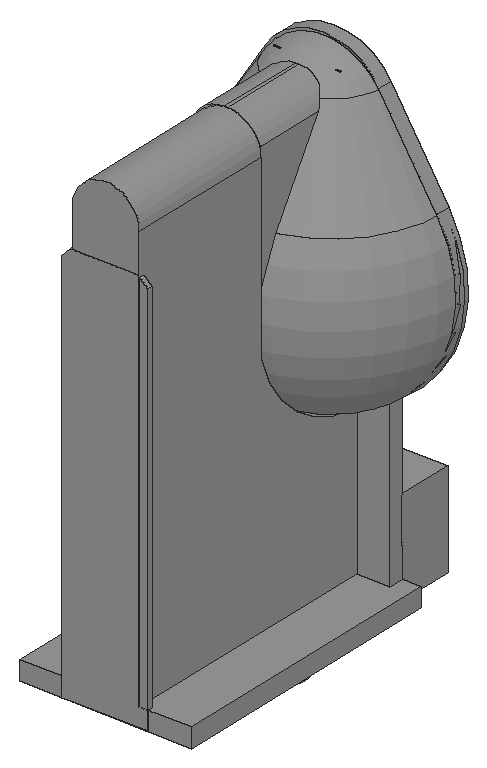
Revit family "Toilet-Willoughby-1490-ASETW-FM-BS", category Plumbing Fixtures, host Face, Revit 2014
Parameters (values of type "Standard")
  Waste DIA = 2 1/2"
  Waste Connection = yes
  W-RAD [instance] = Waste DIA / 2  # 0' - 1 1/4"
  Vent Connection = no
  URL = "www.willoughby-ind.com"
  Type Comments = "Blow Out Flush"
  Revision = "A"
  Model = "ASETW-1490-FM-BS"
  Manufacturer = "Willoughby Industries"
  HW Connection = no
  Flush inlet DIA = 1 1/2"
  Flush Inlet Connection = yes
  Fixture Body = Stainless Steel AISI 304-Willoughby
  F-RAD [instance] = Flush inlet DIA / 2  # 0' - 0 3/4"
  Description = "Ligature resistant Floor Mounted Toilet"
  Default Elevation = 0' - 0"
  Contact Number = "(800) 428-4065"
  CW Connection = no
Reference planes (in)
  plane 1 "Base": y = -16.25
  plane 2: z = 0
  plane 3 "Center": x = 18.31072
  plane 4 "Waste height": y = -4.75
  plane 5: y = -1.25
  plane 6: z = -6.75
  plane 7: y = -2.125
  plane 8: y = -14.0625
  plane 9: y = 0.5
  plane 10: x = 16.56072
  plane 11: x = 20.06072
  plane 12: x = 11.56072
  plane 13: x = 25.06072
  plane 14: z = -3
  plane 15: z = 25
Forms (in)
  Extrusion 1, solid, material "Stainless Steel AISI 304-Willoughby" <- "Fixture Body"
    sketch origin (16.08109, 7.47968, -7.1422) x (-1, 0, 0) y (0, 0, -1)
      loop
        line (1.29775, -16.80087) -> (1.29775, -7.1422) -> (-5.72963, -7.1422) -> (-5.72963, -16.81676)
        arc (-5.72963, -16.81676) -> (-8.98136, -21.11843) -> (-8.21015, -26.45542) r 7
        line (-8.21015, -26.45542) -> (-5.16818, -31.31054)
        arc (-5.16818, -31.31054) -> (-2.20225, -32.95225) -> (0.76368, -31.31054) r 3.5
        line (0.76368, -31.31054) -> (3.80565, -26.45542)
        arc (3.80565, -26.45542) -> (4.5729, -21.10311) -> (1.29775, -16.80087) r 7
      loop
        arc (2.03989, -24.70557) -> (-2.20225, -18.23804) -> (-6.44438, -24.70557) r 4.625
        line (-6.44438, -24.70557) -> (-4.04125, -30.23842)
        arc (-4.04125, -30.23842) -> (-2.20225, -31.45225) -> (-0.36324, -30.23842) r 2
        line (-0.36324, -30.23842) -> (2.03989, -24.70557)
    from 8.72968 to 9.5
  Revolve 2, solid, material "Stainless Steel AISI 304-Willoughby" <- "Fixture Body"
    sketch origin (19.37246, -1.52032, -3.93826) x (-1, 0, 0) y (0, 0, -1)
      loop
        line (1.06174, -12.59906) -> (1.06174, -12.84906)
        arc (1.06174, -12.84906) -> (6.96784, -16.33096) -> (6.78077, -23.18447) r 6.75
        line (6.78077, -23.18447) -> (3.81535, -27.91457)
        arc (3.81535, -27.91457) -> (2.63527, -29.03194) -> (1.06174, -29.43826) r 3.25
        line (1.06174, -29.43826) -> (1.06174, -29.68826)
        arc (1.06174, -29.68826) -> (2.75672, -29.25045) -> (4.02767, -28.04656) r 3.5
        line (4.02767, -28.04656) -> (7.06964, -23.19143)
        arc (7.06964, -23.19143) -> (7.15052, -16.14555) -> (1.06174, -12.59906) r 7
      axis (1.06174, -12.59906) -> (1.06174, -29.68826)
    angle from 0 to -180
  Extrusion 3, solid, material "Stainless Steel AISI 304-Willoughby" <- "Fixture Body"
    sketch origin (19.53334, -3.02032, -4.9508) x (0, 1, 0) y (0, 0, 1)
      loop
        line (-5.27082, 4.9508) -> (1, 4.9508) -> (1, 13.76086)
        arc (1, 13.76086) -> (-2.93256, 15.26109) -> (-5.27082, 18.76086) r 6.92744
        line (-5.27082, 18.76086) -> (-5.27082, 4.9508)
    from 0.52738 to -2.97262
  Extrusion 4, solid, material "Stainless Steel AISI 304-Willoughby" <- "Fixture Body"
    sketch origin (0, 14.59309, -3) x (1, 0, 0) y (0, 1, 0)
      loop
        circle (18.31072, -19.34309) r 1.25
    from 5.5 to 0
  Extrusion 5, solid, material "Stainless Steel AISI 304-Willoughby" <- "Fixture Body"
    sketch origin (18.31072, 0, -1) x (0, 1, 0) y (0, 0, 1)
      loop
        line (-1.25, 1) -> (1.75, 1) -> (1.75, 6) -> (-1.25, 6) -> (-1.25, 1)
    from -3.52738 to 3.5
  Extrusion 6, solid, material "Stainless Steel AISI 304-Willoughby" <- "Fixture Body"
    sketch origin (0, 0, 0) x (1, 0, 0) y (0, 1, 0)
      loop
        circle (18.31072, 0.5) r 0.75
    from 0 to 1
  Extrusion 7, solid, material "Stainless Steel AISI 304-Willoughby" <- "Fixture Body"
    sketch origin (0, -16.25, 0) x (1, 0, 0) y (0, 0, 1)
      loop
        line (22.81072, 0) -> (22.81072, 1) -> (13.81072, 1) -> (13.81072, 0) -> (22.81072, 0)
    from -15 to 0
  Extrusion 8, solid, material "Stainless Steel AISI 304-Willoughby" <- "Fixture Body"
    sketch origin (0, -16.25, 0) x (1, 0, 0) y (0, 0, 1)
      loop
        line (20.06072, 0) -> (20.06072, 23.28412)
        arc (20.06072, 23.28412) -> (18.31072, 25.03412) -> (16.56072, 23.28412) r 1.75
        line (16.56072, 23.28412) -> (16.56072, 0) -> (20.06072, 0)
    from 0 to -7.95886
  Extrusion 9, solid, material "Stainless Steel AISI 304-Willoughby" <- "Fixture Body"
    sketch origin (-0.06578, -16.25, 7) x (1, 0, 0) y (0, 0, 1)
      loop
        line (20.06072, -7) -> (20.56072, -7) -> (20.56072, 13.75) -> (20.06072, 14.25) -> (16.56072, 14.25) -> (16.06072, 13.75) -> (16.06072, -7) -> (16.56072, -7) -> (20.06072, -7)
    from 0 to -0.25
  Extrusion 10, solid, material "Stainless Steel AISI 304-Willoughby" <- "Fixture Body"
    sketch origin (18.31072, 0, 0) x (0, 1, 0) y (0, 0, 1)
      loop
        line (-3.0438, 25.03193) -> (-8.29114, 25.03193) -> (-8.29114, 16.73622)
        arc (-8.29114, 16.73622) -> (-8.25839, 17.11069) -> (-8.16113, 17.47379) r 2.15729
        arc (-8.16113, 17.47379) -> (-7.78826, 18.37428) -> (-7.33828, 19.23882) r 11.16687
        arc (-7.33828, 19.23882) -> (-5.85557, 21.70663) -> (-4.28753, 24.12112) r 82.3759
        arc (-4.28753, 24.12112) -> (-3.71235, 24.64027) -> (-3.0438, 25.03193) r 3.79911
    from 1.75 to -1.75
  Extrusion 11, void
    sketch origin (0, -16.25, 0) x (1, 0, 0) y (0, 0, 1)
      loop
        arc (16.43207, 23.28193) -> (16.94463, 24.51936) -> (18.18207, 25.03193) r 1.75
        line (18.18207, 25.03193) -> (16.43207, 25.03193) -> (16.43207, 23.28193)
    from -7.95886 to -13.18331
  Extrusion 12, void
    sketch origin (0, -16.25, 0) x (1, 0, 0) y (0, 0, 1)
      loop
        arc (18.34313, 25.03193) -> (19.49966, 24.59853) -> (20.12234, 23.53193) r 1.84176
        line (20.12234, 23.53193) -> (20.12234, 25.03193) -> (18.34313, 25.03193)
    from -7.95886 to -13.18919
Cuts and joins
  joined: Extrusion 3, Extrusion 5, Extrusion 7, Extrusion 8
  Extrusion 11, Extrusion 12 cuts Extrusion 10
Lines and regions (in)
  symbolic lines
    curve 1: line (13.81072, -16.25, 0) -> (13.81072, -1.25, 0)
    curve 2: line (22.81072, -16.25, 0) -> (22.81072, -1.25, 0)
    curve 3: line (13.81072, -16.25, 0) -> (22.81072, -16.25, 0)
    curve 4: line (11.28334, -2.02032, 0) -> (11.28334, -1.25, 0)
    curve 5: line (11.28334, -1.25, 0) -> (25.28334, -1.25, 0)
    curve 6: line (25.28334, -1.25, 0) -> (25.28334, -2.02032, 0)
    curve 7: line (14.78334, -1.25, 0) -> (14.78334, 1.75, 0)
    curve 8: line (14.78334, 1.75, 0) -> (21.81072, 1.75, 0)
    curve 9: line (21.81072, 1.75, 0) -> (21.81072, -1.25, 0)
    curve 10: arc (25.28334, -2.02032, 0) -> (23.08185, -6.64916, 0) -> (18.31072, -8.52239, 0) r 6.97293
    curve 11: arc (18.31072, -8.52239, 0) -> (13.52793, -6.64299, 0) -> (11.28334, -2.02032, 0) r 7.06571
    curve 12: line (16.56072, -8.2982, 0) -> (16.56072, -16.25, 0)
    curve 13: line (20.06072, -16.25, 0) -> (20.06072, -8.30327, 0)
    curve 18: line (13.81072, -16.25, 0) -> (22.81072, -16.25, 0)
    curve 19: line (22.81072, -16.25, 0) -> (22.81072, -16.25, 1)
    curve 20: line (22.81072, -16.25, 1) -> (21.81072, -16.25, 1)
    curve 21: line (21.81072, -16.25, 0) -> (21.81072, -16.25, 9.67456)
    curve 22: line (14.78334, -16.25, 0) -> (14.78334, -16.25, 9.65867)
    curve 23: line (14.78334, -16.25, 1) -> (13.81072, -16.25, 1)
    curve 24: line (13.81072, -16.25, 1) -> (13.81072, -16.25, 0)
    curve 25: line (21.81072, -16.25, 5) -> (14.78334, -16.25, 5)
    curve 26: arc (21.81072, -16.25, 9.67456) -> (25.06245, -16.25, 13.97624) -> (24.29124, -16.25, 19.31322) r 7
    curve 27: line (24.29124, -16.25, 19.31322) -> (21.24927, -16.25, 24.16835)
    curve 28: arc (21.24927, -16.25, 24.16835) -> (19.98923, -16.25, 25.34792) -> (18.31072, -16.25, 25.75) r 3.37397
    curve 29: arc (18.31072, -16.25, 25.75) -> (16.62783, -16.25, 25.31163) -> (15.31741, -16.25, 24.16835) r 3.79331
    curve 30: line (15.31741, -16.25, 24.16835) -> (12.35249, -16.25, 19.43905)
    curve 31: arc (12.35249, -16.25, 19.43905) -> (11.49002, -16.25, 14.03241) -> (14.78334, -16.25, 9.65867) r 7
    curve 37: line (18.31072, -8.45513, 16.43593) -> (18.31072, -16.25, 16.43593)
    curve 38: line (18.31072, -16.25, 16.43593) -> (18.31072, -16.25, 0)
    curve 39: line (18.31072, -16.25, 0) -> (18.31072, 1.75, 0)
    curve 40: line (18.31072, 1.75, 0) -> (18.31072, 1.75, 5)
    curve 41: line (18.31072, 1.75, 5) -> (18.31072, -1.25, 5)
    curve 42: line (18.31072, -1.25, 5) -> (18.31072, -1.25, 25.81005)
    curve 43: line (18.31072, -1.25, 25.81005) -> (18.31072, -2.02032, 25.81005)
    curve 44: arc (18.31072, -2.02032, 25.81005) -> (18.31072, -3.17426, 25.3587) -> (18.31072, -4.14211, 24.58504) r 4.1253
    curve 45: line (18.31072, -4.14211, 24.58504) -> (18.31072, -7.52822, 19.25317)
    curve 46: arc (18.31072, -7.52822, 19.25317) -> (18.31072, -8.16721, 17.9023) -> (18.31072, -8.45513, 16.43593) r 6.04234
    curve 47: arc (18.31072, -8.45513, 16.43593) -> (18.31072, -8.2983, 15.12766) -> (18.31072, -8.29114, 13.81005) r 11.57712
    curve 48: arc (18.31072, -8.29114, 13.81005) -> (18.31072, -5.95289, 10.31029) -> (18.31072, -2.02032, 8.81005) r 6.92744
    curve 49: line (18.31072, -1.25, 9.65867) -> (18.31072, -2.02032, 9.65867)
    curve 50: line (18.31072, -2.02032, 9.65867) -> (18.31072, -2.02032, 1)
    curve 51: line (18.31072, -2.02032, 1) -> (18.31072, -16.25, 1)
  symbolic lines, detail levels medium+fine
    curve 14: line (20.06072, -16, 0) -> (20.56072, -16, 0)
    curve 15: line (20.56072, -16, 0) -> (20.56072, -16.25, 0)
    curve 16: line (16.56072, -16, 0) -> (16.06072, -16, 0)
    curve 17: line (16.06072, -16, 0) -> (16.06072, -16.25, 0)
  symbolic lines, detail levels fine
    curve 32: arc (14.0412, -16.25, 17.56337) -> (18.28334, -16.25, 11.09585) -> (22.52547, -16.25, 17.56337) r 4.625
    curve 33: line (22.52547, -16.25, 17.56337) -> (20.12234, -16.25, 23.09622)
    curve 34: arc (20.12234, -16.25, 23.09622) -> (19.38317, -16.25, 23.97635) -> (18.28334, -16.25, 24.31005) r 2.01767
    curve 35: arc (18.28334, -16.25, 24.31005) -> (17.17969, -16.25, 23.98213) -> (16.44433, -16.25, 23.09622) r 1.9827
    curve 36: line (16.44433, -16.25, 23.09622) -> (14.0412, -16.25, 17.56337)
Dimensions and locks (in)
  locked: plane 1 "Base" to plane 4 "Waste height" at 11.5
  locked: plane 1 "Base" to plane 5 at 15
  locked: plane 1 "Base" to plane 9 at 16.75
  locked: cut or joined group of Extrusion 3, Extrusion 5, Extrusion 7, Extrusion 8 to cut or joined group of Extrusion 3, Extrusion 5, Extrusion 7, Extrusion 8 at 9
  plane 15 to level = 2' - 1"
  "W-RAD": radius of Extrusion 4 sketch curve
  "F-RAD": radius of Extrusion 6 sketch curve
  aligned and locked: plane 2 to host face
  aligned and locked: level to host face
  aligned and locked: plane 3 "Center" to Extrusion 4 sketch curve
  aligned and locked: plane 4 "Waste height" to Extrusion 4 sketch curve
  aligned and locked: plane 9 to Extrusion 6 sketch curve
  aligned and locked: plane 3 "Center" to Extrusion 6 sketch curve
Automatic sketch dimensions
  plane 5 to curve 5 = 0' - 0"
  plane 1 "Base" to curve 3 = 0' - 0"
  curve 16 to plane 10 = 0' - 0"
  curve 11 to plane 3 "Center" = 0' - 0"
  curve 10 to plane 3 "Center" = 0' - 0"
  curve 13 to plane 11 = 0' - 0"
  curve 16 to plane 1 "Base" = 0' - 0 1/4"
  curve 16 to plane 10 = 0' - 0 1/2"
  curve 8 to plane 10 = 0' - 1.77738"
  curve 1 to curve 17 = 0' - 2 1/4"
  plane 7 to curve 4 = 0' - 0.10468"
  curve 4 to plane 12 = 0' - 0.27738"
  plane 3 "Center" to curve 10 = 0' - 0 1/64"
  plane 3 "Center" to curve 11 = 0' - 0.01581"
  curve 14 to curve 14 = 0' - 0 1/2"
  plane 11 to curve 8 = 0' - 1 3/4"
  curve 3 to plane 13 = 0' - 2 1/4"
  curve 2 to curve 5 = 0' - 2.47262"
  curve 15 to curve 14 = 0' - 0 1/4"
  plane 7 to curve 6 = 0' - 0.10468"
  curve 8 to plane 9 = 0' - 1 1/4"
  curve 38 to plane 1 "Base" = 0' - 0"
  curve 42 to plane 5 = 0' - 0"
  curve 40 to level = 0' - 0"
  plane 1 "Base" to curve 47 = 0' - 3.6029"
  plane 4 "Waste height" to curve 37 = 0' - 3.70513"
  plane 4 "Waste height" to curve 45 = 0' - 2.77822"
  curve 45 to plane 4 "Waste height" = 0' - 0.60789"
  curve 46 to plane 7 = 0' - 0.30255"
  plane 7 to curve 50 = 0' - 0.10468"
  plane 7 to curve 43 = 0' - 0.10468"
  plane 5 to curve 48 = 0' - 0.38413"
  curve 44 to plane 5 = 0' - 0.13839"
  curve 41 to plane 9 = 0' - 1 1/4"
  level to curve 51 = 0' - 1"
  level to curve 41 = 0' - 5"
  curve 41 to curve 50 = 0' - 4.65867"
  curve 47 to plane 15 = 0' - 10.59394"
  curve 49 to curve 48 = 0' - 6.06805"
  curve 48 to curve 46 = 0' - 0.28717"
  curve 47 to curve 38 = 0' - 2.02987"
  curve 44 to plane 15 = 0' - 3.21392"
  curve 45 to plane 15 = 0' - 0.41496"
  curve 47 to curve 48 = 0' - 0.16399"
  curve 26 to curve 31 = 0' - 0"  (x2)
  curve 26 to curve 32 = 0' - 0"  (x2)
  curve 31 to curve 32 = 0' - 0"  (x2)
  curve 24 to level = 0' - 0"
  curve 28 to plane 3 "Center" = 0' - 0"
  curve 29 to plane 3 "Center" = 0' - 0"
  curve 32 to plane 3 "Center" = 0' - 0.02738"
  curve 35 to plane 3 "Center" = 0' - 0.03882"
  curve 34 to curve 35 = 0' - 0.0002"
  curve 36 to plane 10 = 0' - 0.11639"
  curve 30 to plane 10 = 0' - 1.24331"
  curve 22 to plane 10 = 0' - 1.77738"
  plane 12 to curve 36 = 0' - 2 123/256"
  curve 18 to curve 22 = 0' - 0.97262"
  plane 12 to curve 30 = 0' - 0.79177"
  plane 3 "Center" to curve 28 = 0' - 0.07942"
  plane 3 "Center" to curve 29 = 0' - 0.08929"
  plane 11 to curve 33 = 0' - 0.06162"
  curve 27 to plane 15 = 0' - 0.83165"
  plane 11 to curve 27 = 0' - 1.18855"
  plane 11 to curve 21 = 0' - 1 3/4"
  plane 11 to curve 33 = 0' - 2.46475"
  curve 20 to curve 19 = 0' - 1"
  curve 27 to plane 13 = 0' - 0.76948"
  curve 18 to curve 19 = 0' - 1"
  curve 18 to curve 24 = 0' - 1"
  curve 23 to curve 22 = 0' - 8.65867"
  curve 22 to curve 21 = 0' - 0.01589"
  curve 22 to curve 31 = 0' - 6.06218"
  curve 36 to curve 30 = 0' - 1.87568"
  curve 29 to plane 15 = 0' - 3.04226"
  curve 34 to curve 28 = 0' - 0.08455"
  curve 34 to curve 35 = 0' - 0.03496"
  curve 36 to curve 29 = 0' - 1.07212"
  curve 33 to curve 27 = 0' - 1.07212"
  curve 20 to curve 25 = 0' - 4"
  host sketch curve to host sketch curve = 3' - 1.13155"
  host sketch curve to host sketch curve = 2' - 10.84193"
  Extrusion 1 sketch curve to Extrusion 1 sketch curve = 0' - 0"  (x8)
  Extrusion 1 sketch curve to level = 0' - 0"
  Extrusion 1 sketch curve to plane 13 = 0' - 0.76948"
  plane 11 to Extrusion 1 sketch curve = 0' - 2.46475"
  plane 11 to Extrusion 1 sketch curve = 0' - 1 3/4"
  plane 11 to Extrusion 1 sketch curve = 0' - 1.18855"
  plane 11 to Extrusion 1 sketch curve = 0' - 0.06162"
  Extrusion 1 sketch curve to plane 3 "Center" = 0' - 0.02738"  (x2)
  Extrusion 1 sketch curve to plane 10 = 0' - 0.11639"
  Extrusion 1 sketch curve to plane 15 = 0' - 0.83165"
  Extrusion 1 sketch curve to plane 10 = 0' - 1.24331"
  Extrusion 1 sketch curve to plane 10 = 0' - 1.77738"
  plane 12 to Extrusion 1 sketch curve = 0' - 2 123/256"
  plane 12 to Extrusion 1 sketch curve = 0' - 0.71472"
  Extrusion 1 sketch curve to Extrusion 1 sketch curve = 0' - 1.07212"
  Extrusion 1 sketch curve to Extrusion 1 sketch curve = 0' - 0.78617"
  Extrusion 1 sketch curve to Extrusion 1 sketch curve = 0' - 3.783"  (x2)
  Extrusion 1 sketch curve to Extrusion 1 sketch curve = 0' - 1.74985"
  Extrusion 1 sketch curve to Extrusion 1 sketch curve = 0' - 1.84253"
  Revolve 2 sketch curve to Revolve 2 sketch curve = 0' - 0"  (x2)
  Revolve 2 sketch curve to plane 3 "Center" = 0' - 0"  (x3)
  plane 3 "Center" to Revolve 2 sketch curve = 0' - 0"
  Revolve 2 sketch curve to plane 10 = 0' - 1.00361"
  Revolve 2 sketch curve to plane 15 = 0' - 0.8917"
  Revolve 2 sketch curve to Revolve 2 sketch curve = 0' - 0.21232"
  plane 12 to Revolve 2 sketch curve = 0' - 1.03097"
  Revolve 2 sketch curve to Revolve 2 sketch curve = 0' - 0.28887"
  plane 15 to Revolve 2 sketch curve = 0' - 0 1/2"
  Revolve 2 sketch curve to Revolve 2 sketch curve = 0' - 0 1/4"
  Revolve 2 sketch curve to Revolve 2 sketch curve = 0' - 0.13199"
  Revolve 2 sketch curve to Revolve 2 sketch curve = 0' - 4.85513"
  Revolve 2 sketch curve to Revolve 2 sketch curve = 0' - 0.00696"
  Revolve 2 sketch curve to Revolve 2 sketch curve = 0' - 6.5892"
  Revolve 2 sketch curve to Revolve 2 sketch curve = 0' - 3 1/4"
  Revolve 2 sketch curve to Revolve 2 sketch curve = 0' - 2.4108"
  Extrusion 3 sketch curve to level = 0' - 0"
  plane 4 "Waste height" to Extrusion 3 sketch curve = 0' - 3.54114"
  plane 7 to Extrusion 3 sketch curve = 0' - 0.10468"
  plane 5 to Extrusion 3 sketch curve = 0' - 0.38413"
  Extrusion 3 sketch curve to Extrusion 3 sketch curve = 0' - 8.81005"
  Extrusion 3 sketch curve to Extrusion 3 sketch curve = 0' - 5"
  Extrusion 5 sketch curve to level = 0' - 0"
  Extrusion 5 sketch curve to plane 5 = 0' - 0"
  Extrusion 5 sketch curve to plane 9 = 0' - 1 1/4"
  Extrusion 5 sketch curve to Extrusion 5 sketch curve = 0' - 5"
  Extrusion 7 sketch curve to level = 0' - 0"
  plane 12 to Extrusion 7 sketch curve = 0' - 2 1/4"
  level to Extrusion 7 sketch curve = 0' - 1"
  Extrusion 7 sketch curve to plane 13 = 0' - 2 1/4"
  Extrusion 8 sketch curve to level = 0' - 0"
  Extrusion 8 sketch curve to plane 10 = 0' - 0"
  Extrusion 8 sketch curve to plane 3 "Center" = 0' - 0"
  Extrusion 8 sketch curve to plane 15 = 0' - 1.71588"
  Extrusion 9 sketch curve to level = 0' - 0"
  Extrusion 9 sketch curve to plane 10 = 0' - 0.56578"
  Extrusion 9 sketch curve to plane 10 = 0' - 0.06578"  (x2)
  Extrusion 9 sketch curve to plane 11 = 0' - 0.06578"  (x2)
  plane 11 to Extrusion 9 sketch curve = 0' - 0.43422"
  Extrusion 9 sketch curve to plane 15 = 0' - 4 1/4"  (x2)
  Extrusion 9 sketch curve to Extrusion 9 sketch curve = 0' - 0 1/2"
  plane 15 to Extrusion 10 sketch curve = 0' - 0.03193"
  plane 4 "Waste height" to Extrusion 10 sketch curve = 0' - 3.54114"
  plane 4 "Waste height" to Extrusion 10 sketch curve = 0' - 1.38385"
  Extrusion 10 sketch curve to plane 7 = 0' - 0.9188"
  plane 5 to Extrusion 10 sketch curve = 0' - 0.21771"
  Extrusion 10 sketch curve to plane 9 = 0' - 1.83279"
  Extrusion 10 sketch curve to plane 6 = 1' - 3.19552"
  Extrusion 10 sketch curve to plane 9 = 5' - 3.50343"
  Extrusion 10 sketch curve to plane 15 = 0' - 11.34412"
  Extrusion 10 sketch curve to plane 15 = 0' - 8.26378"
  Extrusion 10 sketch curve to plane 15 = 0' - 3.42484"
  Extrusion 10 sketch curve to Extrusion 10 sketch curve = 0' - 0"  (x2)
  plane 15 to Extrusion 11 sketch curve = 0' - 0.03193"
  Extrusion 11 sketch curve to plane 10 = 0' - 0.12865"
  Extrusion 11 sketch curve to plane 3 "Center" = 0' - 0.12865"
  plane 3 "Center" to Extrusion 12 sketch curve = 0' - 0.0018"
  plane 15 to Extrusion 12 sketch curve = 0' - 0.03193"
  plane 11 to Extrusion 12 sketch curve = 0' - 0.06162"
  plane 3 "Center" to Extrusion 12 sketch curve = 0' - 0.03241"
  Extrusion 12 sketch curve to plane 15 = 0' - 1.46807"
Connectors (in)
  piping at (18.31072, -4.75, -3), diameter 2.5, driven by "W-RAD", driven by "Waste Connection"
    settings: on Extrusion 4, index 1, connector inside diameter 2 1/2", connector length 0' - 0", flow factor 0, pipe flow 0 GPM, pressure drop 0.00 psi, fitting loss kfactor 0, connector angle 0.00°, fixture units 0, engagement length 0' - 0", angle of deflection 0.00°, flow configuration 0, flow direction 2, fitting loss method 0, system type 16, joint type 0, gender type 0, connector reference index -1, connector utility 1, adjustable connector yes, is connector primary yes, connector description "Toilet Waste"
  piping at (18.31072, 0.5, 1), diameter 1.5, driven by "F-RAD", driven by "Flush Inlet Connection"
    settings: on Extrusion 6, index 2, connector inside diameter 1 1/2", connector length 0' - 0", flow factor 0, pipe flow 0 GPM, pressure drop 0.00 psi, fitting loss kfactor 0, connector angle 0.00°, fixture units 0, engagement length 0' - 0", angle of deflection 0.00°, flow configuration 0, flow direction 1, fitting loss method 0, system type 20, joint type 0, gender type 0, connector reference index -1, connector utility 1, adjustable connector no, is connector primary no, connector description "Flush Inlet"
